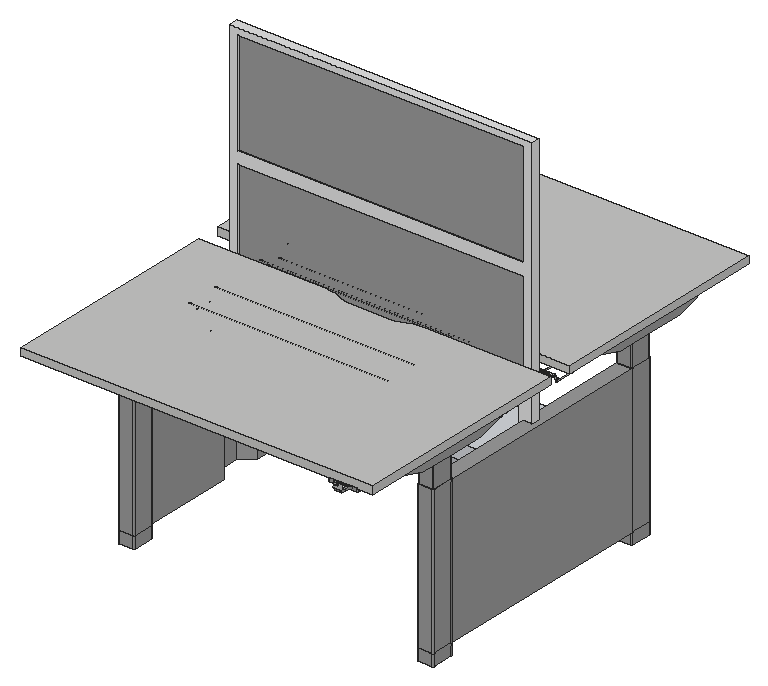
Revit family "Rise Squared Rectangular Desk", category Furniture, Revit 2020 (continued)
Definition of nested family "Endframe Infill Panel"
  Definition of nested family "Cable Tray"
    Lines and regions (mm)
      sketch lines
        curve 96: arc (500, 330.808, 613.5) -> (500, 332.571, 614.073) -> (500, 333.661, 615.573) r 3
        curve 104: line (600, 330.808, 613.5) -> (600, 247.192, 613.5)
        curve 105: arc (600, 247.192, 613.5) -> (600, 245.429, 614.073) -> (600, 244.339, 615.573) r 3
        curve 106: line (600, 244.339, 615.573) -> (600, 236.24, 640.5)
        curve 107: line (600, 333.661, 615.573) -> (600, 341.76, 640.5)
        curve 108: arc (600, 330.808, 613.5) -> (600, 332.571, 614.073) -> (600, 333.661, 615.573) r 3
        curve 116: line (700, 330.808, 613.5) -> (700, 247.192, 613.5)
        curve 117: arc (700, 247.192, 613.5) -> (700, 245.429, 614.073) -> (700, 244.339, 615.573) r 3
        curve 118: line (700, 244.339, 615.573) -> (700, 236.24, 640.5)
        curve 119: line (700, 333.661, 615.573) -> (700, 341.76, 640.5)
        curve 120: arc (700, 330.808, 613.5) -> (700, 332.571, 614.073) -> (700, 333.661, 615.573) r 3
        curve 128: line (200, 330.808, 613.5) -> (200, 247.192, 613.5)
        curve 129: arc (200, 247.192, 613.5) -> (200, 245.429, 614.073) -> (200, 244.339, 615.573) r 3
        curve 130: line (200, 244.339, 615.573) -> (200, 236.24, 640.5)
        curve 131: line (200, 333.661, 615.573) -> (200, 341.76, 640.5)
        curve 132: arc (200, 330.808, 613.5) -> (200, 332.571, 614.073) -> (200, 333.661, 615.573) r 3
        curve 140: line (-100, 330.808, 613.5) -> (-100, 247.192, 613.5)
        curve 141: arc (-100, 247.192, 613.5) -> (-100, 245.429, 614.073) -> (-100, 244.339, 615.573) r 3
        curve 142: line (-100, 244.339, 615.573) -> (-100, 236.24, 640.5)
        curve 143: line (-100, 333.661, 615.573) -> (-100, 341.76, 640.5)
        curve 144: arc (-100, 330.808, 613.5) -> (-100, 332.571, 614.073) -> (-100, 333.661, 615.573) r 3
        curve 152: line (-300, 330.808, 613.5) -> (-300, 247.192, 613.5)
        curve 153: arc (-300, 247.192, 613.5) -> (-300, 245.429, 614.073) -> (-300, 244.339, 615.573) r 3
        curve 154: line (-300, 244.339, 615.573) -> (-300, 236.24, 640.5)
        curve 155: line (-300, 333.661, 615.573) -> (-300, 341.76, 640.5)
        curve 156: arc (-300, 330.808, 613.5) -> (-300, 332.571, 614.073) -> (-300, 333.661, 615.573) r 3
        curve 164: line (-400, 330.808, 613.5) -> (-400, 247.192, 613.5)
        curve 165: arc (-400, 247.192, 613.5) -> (-400, 245.429, 614.073) -> (-400, 244.339, 615.573) r 3
        curve 166: line (-400, 244.339, 615.573) -> (-400, 236.24, 640.5)
        curve 167: line (-400, 333.661, 615.573) -> (-400, 341.76, 640.5)
        curve 168: arc (-400, 330.808, 613.5) -> (-400, 332.571, 614.073) -> (-400, 333.661, 615.573) r 3
        curve 176: line (-500, 330.808, 613.5) -> (-500, 247.192, 613.5)
        curve 177: arc (-500, 247.192, 613.5) -> (-500, 245.429, 614.073) -> (-500, 244.339, 615.573) r 3
        curve 178: line (-500, 244.339, 615.573) -> (-500, 236.24, 640.5)
        curve 179: line (-500, 333.661, 615.573) -> (-500, 341.76, 640.5)
        curve 180: arc (-500, 330.808, 613.5) -> (-500, 332.571, 614.073) -> (-500, 333.661, 615.573) r 3
        curve 188: line (-600, 330.808, 613.5) -> (-600, 247.192, 613.5)
        curve 189: arc (-600, 247.192, 613.5) -> (-600, 245.429, 614.073) -> (-600, 244.339, 615.573) r 3
        curve 190: line (-600, 244.339, 615.573) -> (-600, 236.24, 640.5)
        curve 191: line (-600, 333.661, 615.573) -> (-600, 341.76, 640.5)
        curve 192: arc (-600, 330.808, 613.5) -> (-600, 332.571, 614.073) -> (-600, 333.661, 615.573) r 3
        curve 200: line (-700, 330.808, 613.5) -> (-700, 247.192, 613.5)
        curve 201: arc (-700, 247.192, 613.5) -> (-700, 245.429, 614.073) -> (-700, 244.339, 615.573) r 3
        curve 202: line (-700, 244.339, 615.573) -> (-700, 236.24, 640.5)
        curve 203: line (-700, 333.661, 615.573) -> (-700, 341.76, 640.5)
        curve 204: arc (-700, 330.808, 613.5) -> (-700, 332.571, 614.073) -> (-700, 333.661, 615.573) r 3
        curve 212: line (-200, 330.808, 613.5) -> (-200, 247.192, 613.5)
        curve 213: arc (-200, 247.192, 613.5) -> (-200, 245.429, 614.073) -> (-200, 244.339, 615.573) r 3
        curve 214: line (-200, 244.339, 615.573) -> (-200, 236.24, 640.5)
        curve 215: line (-200, 333.661, 615.573) -> (-200, 341.76, 640.5)
        curve 216: arc (-200, 330.808, 613.5) -> (-200, 332.571, 614.073) -> (-200, 333.661, 615.573) r 3
      sketch lines, not visible
        curve 20: line (0, 318.719, 618.385) -> (0, 235.103, 618.385)
        curve 21: arc (0, 235.103, 618.385) -> (0, 233.34, 618.958) -> (0, 232.25, 620.458) r 3
        curve 22: line (0, 232.25, 620.458) -> (0, 224.151, 645.385)
        curve 23: line (0, 321.572, 620.458) -> (0, 329.671, 645.385)
        curve 24: arc (0, 318.719, 618.385) -> (0, 320.482, 618.958) -> (0, 321.572, 620.458) r 3
    Dimensions and locks
      equal spacing: plane 4, plane 3 "Center (Left/Right)", plane 5
      "Width": plane 4 to plane 5
      equal spacing: plane 7, plane 1 "Center (Front/Back)", plane 8
      locked: plane 7 to plane 8 at 800
      locked: plane 2 to plane 9 "Foot" at 15
      "HeightControl": plane 10 to level
      locked: plane 10 to plane 6 "Desktop Underside" at 25
      locked: plane 4 to plane 11 "Cable Tray Left" at 100
      locked: plane 12 "Cable Tray Right" to plane 5 at 100
      equal spacing: curve 3, curve 51, curve 123, curve 63, curve 75, curve 87, curve 99, curve 111, curve 27
      equal spacing: curve 39, curve 195, curve 183, curve 171, curve 159, curve 147, curve 207, curve 135, curve 3
      locked: plane 6 "Desktop Underside" to Extrusion 1 at 61.5
      locked: plane 7 to Extrusion 1 at 53.5
      locked: plane 6 "Desktop Underside" to Sweep 5 at 61.964
      locked: plane 6 "Desktop Underside" to Sweep 18 at 61.964
      locked: plane 6 "Desktop Underside" to Sweep 17 at 61.964
      locked: plane 6 "Desktop Underside" to Sweep 16 at 61.964
      locked: plane 6 "Desktop Underside" to Sweep 15 at 61.964
      locked: plane 6 "Desktop Underside" to Sweep 14 at 61.964
      locked: plane 6 "Desktop Underside" to Sweep 19 at 61.964
      locked: plane 6 "Desktop Underside" to Sweep 13 at 61.964
      locked: plane 6 "Desktop Underside" to Sweep 2 at 61.964
      locked: plane 6 "Desktop Underside" to Sweep 6 at 61.964
      locked: plane 6 "Desktop Underside" to Sweep 12 at 61.964
      locked: plane 6 "Desktop Underside" to Sweep 7 at 61.964
      locked: plane 6 "Desktop Underside" to Sweep 8 at 61.964
      locked: plane 6 "Desktop Underside" to Sweep 9 at 61.964
      locked: plane 6 "Desktop Underside" to Sweep 10 at 61.964
      locked: plane 6 "Desktop Underside" to Sweep 11 at 61.964
      locked: plane 6 "Desktop Underside" to Sweep 4 at 61.964
      locked: plane 7 to Extrusion 20 at 50.5
      locked: Extrusion 20 to plane 12 "Cable Tray Right" at 160
      locked: Extrusion 20 to Extrusion 20 at 25
      locked: Extrusion 21 to Extrusion 21 at 25
      locked: plane 11 "Cable Tray Left" to Extrusion 21 at 160
      aligned and locked: level to plane 2
      aligned and locked: Extrusion 1 to plane 12 "Cable Tray Right"
      aligned and locked: Extrusion 1 to plane 11 "Cable Tray Left"
      aligned and locked: plane 12 "Cable Tray Right" to curve 27
      aligned and locked: curve 39 to plane 11 "Cable Tray Left"
      aligned and locked: plane 6 "Desktop Underside" to Extrusion 20
    Automatic sketch dimensions
      Sweep 2 sketch curve to profile plane = 0 mm  (x2)
      Sweep 3 sketch curve to profile plane = 0 mm  (x2)
      Sweep 4 sketch curve to profile plane = 0 mm  (x2)
      Sweep 5 sketch curve to profile plane = 0 mm  (x2)
      Sweep 6 sketch curve to profile plane = 0 mm  (x2)
      Sweep 7 sketch curve to profile plane = 0 mm  (x2)
      Sweep 8 sketch curve to profile plane = 0 mm  (x2)
      Sweep 9 sketch curve to profile plane = 0 mm  (x2)
      Sweep 10 sketch curve to profile plane = 0 mm  (x2)
      Sweep 11 sketch curve to profile plane = 0 mm  (x2)
      Sweep 12 sketch curve to profile plane = 0 mm  (x2)
      Sweep 13 sketch curve to profile plane = 0 mm  (x2)
      Sweep 14 sketch curve to profile plane = 0 mm  (x2)
      Sweep 15 sketch curve to profile plane = 0 mm  (x2)
      Sweep 16 sketch curve to profile plane = 0 mm  (x2)
      Sweep 17 sketch curve to profile plane = 0 mm  (x2)
      Sweep 18 sketch curve to profile plane = 0 mm  (x2)
      Sweep 19 sketch curve to profile plane = 0 mm  (x2)
      Extrusion 1 sketch curve to plane 6 "Desktop Underside" = 61.5 mm  (x2)
      Extrusion 1 sketch curve to plane 7 = 167 mm
      Extrusion 1 sketch curve to Extrusion 1 sketch curve = 31 mm  (x2)
      Extrusion 1 sketch curve to Extrusion 1 sketch curve = 50 mm
      Extrusion 1 sketch curve to Extrusion 1 sketch curve = 30 mm  (x2)
      Extrusion 20 sketch curve to Extrusion 20 sketch curve = 0 mm  (x11)
      Extrusion 20 sketch curve to plane 6 "Desktop Underside" = 0 mm
      Extrusion 20 sketch curve to plane 6 "Desktop Underside" = 31.5 mm
      Extrusion 20 sketch curve to plane 7 = 171.565 mm
      Extrusion 20 sketch curve to Extrusion 20 sketch curve = 0.065 mm  (x2)
      Extrusion 20 sketch curve to Extrusion 20 sketch curve = 3 mm  (x4)
      Extrusion 20 sketch curve to Extrusion 20 sketch curve = 1.5 mm  (x4)
      Extrusion 20 sketch curve to Extrusion 20 sketch curve = 2.634 mm
      Extrusion 20 sketch curve to Extrusion 20 sketch curve = 0.049 mm  (x2)
      Extrusion 20 sketch curve to Extrusion 20 sketch curve = 39.801 mm
      Extrusion 20 sketch curve to Extrusion 20 sketch curve = 6 mm  (x2)
      Extrusion 20 sketch curve to Extrusion 20 sketch curve = 54.484 mm
      Extrusion 20 sketch curve to plane 6 "Desktop Underside" = 5 mm  (x2)
      Extrusion 20 sketch curve to Extrusion 20 sketch curve = 12 mm
      Extrusion 20 sketch curve to Extrusion 20 sketch curve = 36.451 mm
      Extrusion 20 sketch curve to Extrusion 20 sketch curve = 0.35 mm
      Extrusion 20 sketch curve to Extrusion 20 sketch curve = 0.016 mm
      Extrusion 20 sketch curve to plane 6 "Desktop Underside" = 56.074 mm
      Extrusion 20 sketch curve to Extrusion 20 sketch curve = 20.781 mm
      Extrusion 20 sketch curve to Extrusion 20 sketch curve = 5 mm  (x3)
      Extrusion 20 sketch curve to Extrusion 20 sketch curve = 5.426 mm
      Extrusion 20 sketch curve to Extrusion 20 sketch curve = 81.082 mm
      Extrusion 20 sketch curve to Extrusion 20 sketch curve = 3.312 mm
      Extrusion 20 sketch curve to Extrusion 20 sketch curve = 20.355 mm
      Extrusion 20 sketch curve to Extrusion 20 sketch curve = 2 mm  (x2)
      Extrusion 20 sketch curve to Extrusion 20 sketch curve = 0.293 mm  (x2)
      Extrusion 20 sketch curve to Extrusion 20 sketch curve = 3.101 mm
      Extrusion 20 sketch curve to plane 6 "Desktop Underside" = 8.101 mm
      Extrusion 20 sketch curve to Extrusion 20 sketch curve = 0.033 mm
      Extrusion 20 sketch curve to Extrusion 20 sketch curve = 1.263 mm
      Extrusion 21 sketch curve to Extrusion 21 sketch curve = 0 mm  (x11)
      Extrusion 21 sketch curve to plane 6 "Desktop Underside" = 0 mm
      Extrusion 21 sketch curve to plane 6 "Desktop Underside" = 31.5 mm
      Extrusion 21 sketch curve to plane 7 = 171.565 mm
      Extrusion 21 sketch curve to Extrusion 21 sketch curve = 0.065 mm  (x2)
      Extrusion 21 sketch curve to Extrusion 21 sketch curve = 3 mm  (x4)
      Extrusion 21 sketch curve to Extrusion 21 sketch curve = 1.5 mm  (x4)
      Extrusion 21 sketch curve to Extrusion 21 sketch curve = 2.634 mm
      Extrusion 21 sketch curve to Extrusion 21 sketch curve = 0.049 mm  (x2)
      Extrusion 21 sketch curve to Extrusion 21 sketch curve = 39.801 mm
      Extrusion 21 sketch curve to Extrusion 21 sketch curve = 6 mm  (x2)
      Extrusion 21 sketch curve to Extrusion 21 sketch curve = 54.484 mm
      Extrusion 21 sketch curve to plane 6 "Desktop Underside" = 5 mm  (x2)
      Extrusion 21 sketch curve to Extrusion 21 sketch curve = 12 mm
      Extrusion 21 sketch curve to Extrusion 21 sketch curve = 36.451 mm
      Extrusion 21 sketch curve to Extrusion 21 sketch curve = 0.35 mm
      Extrusion 21 sketch curve to Extrusion 21 sketch curve = 0.016 mm
      Extrusion 21 sketch curve to Extrusion 21 sketch curve = 3.101 mm  (x2)
      Extrusion 21 sketch curve to plane 6 "Desktop Underside" = 24.207 mm
      Extrusion 21 sketch curve to Extrusion 21 sketch curve = 7.293 mm
      Extrusion 21 sketch curve to Extrusion 21 sketch curve = 0.293 mm  (x2)
      Extrusion 21 sketch curve to Extrusion 21 sketch curve = 5 mm  (x3)
      Extrusion 21 sketch curve to Extrusion 21 sketch curve = 2 mm
      Extrusion 21 sketch curve to Extrusion 21 sketch curve = 20.355 mm
      Extrusion 21 sketch curve to Extrusion 21 sketch curve = 20.781 mm
      Extrusion 21 sketch curve to Extrusion 21 sketch curve = 5.426 mm
      Extrusion 21 sketch curve to Extrusion 21 sketch curve = 81.082 mm
      Extrusion 21 sketch curve to Extrusion 21 sketch curve = 3.312 mm
      Extrusion 21 sketch curve to Extrusion 21 sketch curve = 0.033 mm
      Extrusion 21 sketch curve to Extrusion 21 sketch curve = 1.263 mm
      radius of Sweep 2 sketch curve = 1.5 mm
      radius of Sweep 3 sketch curve = 1.5 mm
      radius of Sweep 4 sketch curve = 1.5 mm
      radius of Sweep 5 sketch curve = 1.5 mm
      radius of Sweep 6 sketch curve = 1.5 mm
      radius of Sweep 7 sketch curve = 1.5 mm
      radius of Sweep 8 sketch curve = 1.5 mm
      radius of Sweep 9 sketch curve = 1.5 mm
      radius of Sweep 10 sketch curve = 1.5 mm
      radius of Sweep 11 sketch curve = 1.5 mm
      radius of Sweep 12 sketch curve = 1.5 mm
      radius of Sweep 13 sketch curve = 1.5 mm
      radius of Sweep 14 sketch curve = 1.5 mm
      radius of Sweep 15 sketch curve = 1.5 mm
      radius of Sweep 16 sketch curve = 1.5 mm
      radius of Sweep 17 sketch curve = 1.5 mm
      radius of Sweep 18 sketch curve = 1.5 mm
      radius of Sweep 19 sketch curve = 1.5 mm
      radius of Extrusion 1 sketch curve = 1.5 mm  (x4)
Definition of nested family "Fabric Screen"
  Parameters (values of type "Fabric Screen")
    Width = 1800 mm
    URL = "www.gof.co.uk"
    Type Comments = ""
    Fabric Screen Top Screen = none
    Screen Frame = none
    Range = "RISE SQUARED"
    Product Code = ""
    Fabric Screen Low Screen = none
    Fabric Screen = yes
    Endframe Infill Panel = ""
    Model = ""
    Manufacturer = "Gresham Office Furniture"  # constant formula
    Default Elevation = 0 mm
    Cable Tray = ""
    Assembly Code = "E2020200"
  Reference planes
    plane 1 "Center (Front/Back)": y = 0
    plane 2: z = 0
    plane 3 "Center (Left/Right)": x = 0
    plane 4: x = -900
    plane 5: x = 900
    plane 6 "Desktop Underside": z = 702
    plane 7: y = 380
    plane 8: y = -380
    plane 9 "Foot": z = 15
    plane 10: z = 727
    plane 11: y = 460
    plane 12: y = 1220
    plane 13 "Centre Line": y = 420
    plane 14: z = 1400
  Forms (mm)
    Extrusion 1, solid, material <- "Screen Frame", visible <- "Fabric Screen"
      sketch origin (0, 435, 0) x (1, 0, 0) y (0, 0, 1)
        loop
          line (816, 1400) -> (-816, 1400) -> (-816, 495) -> (-790.011, 495) -> (-790.011, 419.987) -> (-768.6, 419.987) -> (-768.6, 579.453) -> (768.6, 579.453) -> (768.6, 419.987) -> (790.011, 419.987) -> (790.011, 495) -> (816, 495) -> (816, 1400)
        loop
          line (-786, 1379.987) -> (-786, 1024.12) -> (786, 1024.12) -> (786, 1379.987) -> (-786, 1379.987)
        loop
          line (-786.416, 984.12) -> (-786.416, 646.837) -> (786.416, 646.837) -> (786.416, 984.12) -> (-786.416, 984.12)
      from 0 to 30
    Extrusion 2, solid, material <- "Fabric Screen Top Screen", visible <- "Fabric Screen"
      sketch origin (0, 420, 0) x (1, 0, 0) y (0, 0, 1)
        loop
          line (-786, 1379.987) -> (-786, 1024.12) -> (786, 1024.12) -> (786, 1379.987) -> (-786, 1379.987)
      from 10 to -10
    Extrusion 3, solid, material <- "Fabric Screen Low Screen", visible <- "Fabric Screen"
      sketch origin (0, 420, 0) x (1, 0, 0) y (0, 0, 1)
        loop
          line (786.416, 984.12) -> (-786.416, 984.12) -> (-786.416, 646.837) -> (786.416, 646.837) -> (786.416, 984.12)
      from -10 to 10
  Dimensions and locks
    equal spacing: plane 4, plane 3 "Center (Left/Right)", plane 5
    "Width": plane 4 to plane 5
    locked: plane 2 to plane 9 "Foot" at 15
    plane 10 to level = 727 mm
    plane 10 to plane 6 "Desktop Underside" = 25 mm
    locked: plane 7 to plane 8 at 760
    equal spacing: plane 7, plane 1 "Center (Front/Back)", plane 8
    plane 8 to plane 12 = 1600 mm
    locked: Extrusion 1 to plane 5 at 84
    locked: plane 4 to Extrusion 1 at 84
    equal spacing: plane 11, plane 13 "Centre Line", plane 7
    plane 14 to level = 1400 mm
    aligned and locked: level to plane 2
  Automatic sketch dimensions
    Extrusion 1 sketch curve to Extrusion 1 sketch curve = 0.416 mm  (x2)
    Extrusion 1 sketch curve to Extrusion 1 sketch curve = 21.411 mm  (x2)
    Extrusion 1 sketch curve to Extrusion 1 sketch curve = 25.989 mm  (x2)
    Extrusion 1 sketch curve to plane 6 "Desktop Underside" = 282.013 mm
    Extrusion 1 sketch curve to Extrusion 1 sketch curve = 75.013 mm  (x2)
    Extrusion 1 sketch curve to Extrusion 1 sketch curve = 84.453 mm  (x2)
    plane 10 to Extrusion 1 sketch curve = 257.12 mm
    Extrusion 1 sketch curve to Extrusion 1 sketch curve = 40 mm
    Extrusion 1 sketch curve to Extrusion 1 sketch curve = 355.867 mm
    Extrusion 1 sketch curve to Extrusion 1 sketch curve = 20.013 mm
    Extrusion 1 sketch curve to plane 6 "Desktop Underside" = 55.163 mm
    plane 5 to Extrusion 1 sketch curve = 131.4 mm
    plane 5 to Extrusion 1 sketch curve = 114 mm
    plane 4 to Extrusion 1 sketch curve = 131.4 mm
    plane 4 to Extrusion 1 sketch curve = 114 mm
    plane 4 to Extrusion 2 sketch curve = 114 mm
    plane 5 to Extrusion 2 sketch curve = 114 mm
    plane 10 to Extrusion 2 sketch curve = 297.12 mm
    Extrusion 2 sketch curve to Extrusion 2 sketch curve = 355.867 mm
    plane 4 to Extrusion 3 sketch curve = 113.584 mm
    plane 5 to Extrusion 3 sketch curve = 113.584 mm
    Extrusion 3 sketch curve to plane 6 "Desktop Underside" = 55.163 mm
    plane 10 to Extrusion 3 sketch curve = 257.12 mm
Definition of nested family "Part Glazed Screen"
  Parameters (values of type "Part Glazed Screen")
    Width = 1800 mm
    URL = "www.gof.co.uk"
    Type Comments = ""
    Part Glazed Top Screen = none
    Screen Frame = none
    Range = "RISE SQUARED"
    Product Code = ""
    Part Glazed Low Screen = none
    Part Glazed Screen = yes
    Endframe Infill Panel = ""
    Model = ""
    Manufacturer = "Gresham Office Furniture"  # constant formula
    Default Elevation = 0 mm
    Cable Tray = ""
    Assembly Code = "E2020200"
  Reference planes
    plane 1 "Center (Front/Back)": y = 0
    plane 2: z = 0
    plane 3 "Center (Left/Right)": x = 0
    plane 4: x = -900
    plane 5: x = 900
    plane 6 "Desktop Underside": z = 702
    plane 7: y = 380
    plane 8: y = -380
    plane 9 "Foot": z = 15
    plane 10: z = 727
    plane 11: y = 460
    plane 12: y = 1220
    plane 13 "Centre Line": y = 420
    plane 14: z = 1400
  Forms (mm)
    Extrusion 1, solid, material <- "Screen Frame", visible <- "Part Glazed Screen"
      sketch origin (0, 435, 0) x (1, 0, 0) y (0, 0, 1)
        loop
          line (816, 1400) -> (-816, 1400) -> (-816, 495) -> (-790.011, 495) -> (-790.011, 419.987) -> (-768.6, 419.987) -> (-768.6, 579.453) -> (768.6, 579.453) -> (768.6, 419.987) -> (790.011, 419.987) -> (790.011, 495) -> (816, 495) -> (816, 1400)
        loop
          line (-786, 1379.987) -> (-786, 1024.12) -> (786, 1024.12) -> (786, 1379.987) -> (-786, 1379.987)
        loop
          line (-786.416, 984.12) -> (-786.416, 646.837) -> (786.416, 646.837) -> (786.416, 984.12) -> (-786.416, 984.12)
      from 0 to 30
    Extrusion 2, solid, material <- "Part Glazed Top Screen", visible <- "Part Glazed Screen"
      sketch origin (0, 420, 0) x (1, 0, 0) y (0, 0, 1)
        loop
          line (-786, 1379.987) -> (-786, 1024.12) -> (786, 1024.12) -> (786, 1379.987) -> (-786, 1379.987)
      from 10 to -10
    Extrusion 3, solid, material <- "Part Glazed Low Screen", visible <- "Part Glazed Screen"
      sketch origin (0, 420, 0) x (1, 0, 0) y (0, 0, 1)
        loop
          line (786.416, 984.12) -> (-786.416, 984.12) -> (-786.416, 646.837) -> (786.416, 646.837) -> (786.416, 984.12)
      from -10 to 10
  Dimensions and locks
    equal spacing: plane 4, plane 3 "Center (Left/Right)", plane 5
    "Width": plane 4 to plane 5
    locked: plane 2 to plane 9 "Foot" at 15
    plane 10 to level = 727 mm
    plane 10 to plane 6 "Desktop Underside" = 25 mm
    locked: plane 7 to plane 8 at 760
    equal spacing: plane 7, plane 1 "Center (Front/Back)", plane 8
    plane 8 to plane 12 = 1600 mm
    locked: Extrusion 1 to plane 5 at 84
    locked: plane 4 to Extrusion 1 at 84
    equal spacing: plane 11, plane 13 "Centre Line", plane 7
    plane 14 to level = 1400 mm
    aligned and locked: level to plane 2
  Automatic sketch dimensions
    Extrusion 1 sketch curve to Extrusion 1 sketch curve = 0.416 mm  (x2)
    Extrusion 1 sketch curve to Extrusion 1 sketch curve = 21.411 mm  (x2)
    Extrusion 1 sketch curve to Extrusion 1 sketch curve = 25.989 mm  (x2)
    Extrusion 1 sketch curve to plane 6 "Desktop Underside" = 282.013 mm
    Extrusion 1 sketch curve to Extrusion 1 sketch curve = 75.013 mm  (x2)
    Extrusion 1 sketch curve to Extrusion 1 sketch curve = 84.453 mm  (x2)
    plane 10 to Extrusion 1 sketch curve = 257.12 mm
    Extrusion 1 sketch curve to Extrusion 1 sketch curve = 40 mm
    Extrusion 1 sketch curve to Extrusion 1 sketch curve = 355.867 mm
    Extrusion 1 sketch curve to Extrusion 1 sketch curve = 20.013 mm
    Extrusion 1 sketch curve to plane 6 "Desktop Underside" = 55.163 mm
    plane 5 to Extrusion 1 sketch curve = 131.4 mm
    plane 5 to Extrusion 1 sketch curve = 114 mm
    plane 4 to Extrusion 1 sketch curve = 131.4 mm
    plane 4 to Extrusion 1 sketch curve = 114 mm
    plane 4 to Extrusion 2 sketch curve = 114 mm
    plane 5 to Extrusion 2 sketch curve = 114 mm
    plane 10 to Extrusion 2 sketch curve = 297.12 mm
    Extrusion 2 sketch curve to Extrusion 2 sketch curve = 355.867 mm
    plane 4 to Extrusion 3 sketch curve = 113.584 mm
    plane 5 to Extrusion 3 sketch curve = 113.584 mm
    Extrusion 3 sketch curve to plane 6 "Desktop Underside" = 55.163 mm
    plane 10 to Extrusion 3 sketch curve = 257.12 mm
